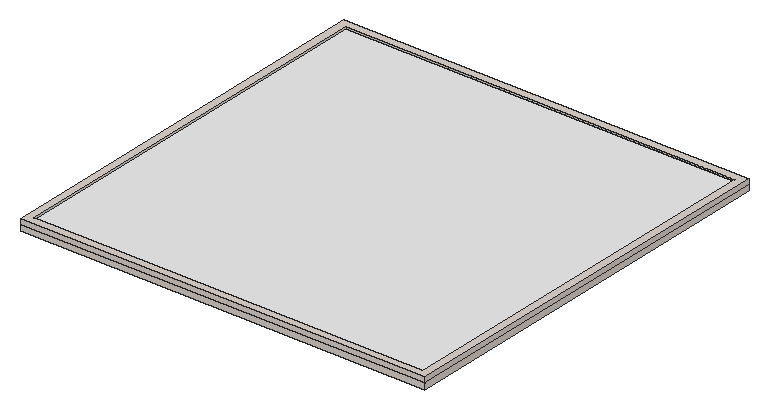
Revit family "SKY LED FLAT PANEL", category Lighting Fixtures, host Face, Revit 2020 (continued)
Types (13): name | Wattage | WATTS | built-in parameter 1150134 | Replaces/Equiv.(MH) | Photometric Web File | Order number | built-in parameter 1150142 | Model | built-in parameter 1150105 | Lumens | built-in parameter 1150107 | built-in parameter 1150106 | Fixture Width | Fixture Length | Default Elevation | Apparent Load
        1.69     1.76     1.84     1.91     1.99     2.07     2.14     2.22     2.30     \r\n 2.39     2.46     2.54     2.62     2.70     2.77     2.84     2.91     2.98     3.06     \r\n 3.13     3.21     3.27     3.35     3.42     3.49     3.56     3.63     3.69     3.76     \r\n 3.82     3.89     3.95     4.01     4.08     4.14     4.19     4.24     4.29     4.33     \r\n 4.37     4.41     4.45     4.49     4.55     4.60     4.67     4.73     4.77     4.81     \r\n 4.86     4.90     4.94     4.99     5.04     5.08     5.13     5.18     5.22     5.27     \r\n 5.31     5.36     5.41     5.45     5.51     5.56     5.62     5.68     5.74     5.79     \r\n 5.85     5.90     5.96     6.01     6.06     6.12     6.17     6.22     6.26     6.30     \r\n 5.97     \r\n1298.22  1299.45  1300.45  1300.82  1300.77  1300.34  1299.16  1297.75  1295.79  1293.34  \r\n 1290.09  1286.65  1282.65  1277.85  1273.29  1267.53  1261.93  1255.31  1248.39  1241.00  \r\n 1233.28  1224.85  1216.15  1206.93  1197.03  1186.67  1176.03  1164.85  1153.32  1141.50  \r\n 1128.79  1116.18  1102.49  1089.07  1074.77  1060.36  1045.39  1030.59  1014.72  998.85   \r\n 982.74   965.58   949.07   931.09   913.75   895.73   877.34   858.69   839.62   820.73   \r\n 801.10   781.77   761.43   741.26   720.91   700.44   679.41   658.32   637.21   616.12   \r\n 594.45   572.86   550.64   529.26   506.96   485.12   462.92   440.97   419.22   396.92   \r\n 375.09   353.03   331.42   309.80   288.40   267.45   246.59   225.62   205.71   185.29   \r\n 165.96   147.00   128.04   109.81   91.78    75.03    58.10    42.75    27.87    14.17    \r\n 2.90     0.94     1.00     1.06     1.13     1.21     1.28     1.36     1.43     1.51     \r\n 1.58     1.66     1.74     1.82     1.90     1.98     2.06     2.14     2.23     2.31     \r\n 2.39     2.47     2.55     2.64     2.71     2.79     2.87     2.94     3.01     3.08     \r\n 3.15     3.23     3.30     3.37     3.44     3.51     3.58     3.65     3.72     3.78     \r\n 3.85     3.91     3.97     4.04     4.10     4.16     4.22     4.29     4.33     4.38     \r\n 4.42     4.45     4.49     4.54     4.59     4.65     4.73     4.80     4.85     4.89     \r\n 4.94     5.00     5.06     5.11     5.17     5.23     5.28     5.34     5.39     5.44     \r\n 5.49     5.55     5.61     5.67     5.73     5.80     5.86     5.92     5.99     6.06     \r\n 6.12     6.19     6.25     6.32     6.38     6.43     6.47     6.51     6.53     6.54     \r\n 5.97     \r\n1298.22  1299.28  1300.07  1299.75  1299.46  1298.57  1297.17  1295.45  1293.09  1290.36  \r\n 1286.86  1283.10  1278.76  1273.92  1268.80  1262.88  1256.54  1249.96  1242.86  1235.19  \r\n 1226.64  1218.48  1209.09  1199.69  1189.43  1179.26  1168.20  1156.88  1145.24  1133.15  \r\n 1120.44  1107.32  1094.13  1079.97  1065.82  1051.19  1036.16  1020.94  1005.13  989.13   \r\n 972.52   955.76   938.90   921.62   903.45   885.58   867.11   848.55   829.51   810.38   \r\n 790.73   771.39   751.22   730.96   710.42   689.84   668.96   647.71   626.68   605.23   \r\n 583.62   562.04   540.44   518.41   496.85   474.58   453.04   430.56   409.03   386.81   \r\n 365.14   343.27   322.22   300.69   279.42   258.67   237.40   217.53   197.11   177.51   \r\n 158.13   139.45   120.78   102.67   85.40    68.35    51.97    35.98    21.56    7.88     \r\n 0.83     0.81     0.87     0.94     1.01     1.08     1.15     1.23     1.29     1.37     \r\n 1.45     1.53     1.60     1.69     1.77     1.85     1.93     2.01     2.09     2.17     \r\n 2.25     2.32     2.40     2.48     2.55     2.63     2.70     2.78     2.84     2.91     \r\n 2.99     3.06     3.13     3.21     3.28     3.35     3.43     3.50     3.57     3.64     \r\n 3.72     3.78     3.85     3.92     4.00     4.06     4.13     4.20     4.27     4.33     \r\n 4.38     4.43     4.49     4.54     4.60     4.66     4.73     4.79     4.85     4.92     \r\n 4.98     5.05     5.12     5.19     5.25     5.33     5.40     5.47     5.54     5.62     \r\n 5.70     5.77     5.84     5.91     5.98     6.05     6.12     6.19     6.25     6.32     \r\n 6.39     6.44     6.49     6.54     6.58     6.59     6.61     6.63     6.64     6.65     \r\n 5.97     \r\n1298.22  1299.55  1300.37  1300.48  1299.90  1299.18  1297.87  1296.23  1293.86  1291.23  \r\n 1288.00  1284.41  1279.95  1275.46  1270.08  1264.64  1258.43  1251.70  1244.57  1237.20  \r\n 1229.22  1220.56  1211.44  1202.37  1192.58  1182.33  1171.34  1160.14  1148.34  1136.20  \r\n 1124.07  1110.84  1097.93  1083.93  1069.73  1054.83  1040.29  1024.82  1009.21  993.04   \r\n 976.44   960.13   943.18   925.83   907.64   889.70   871.39   852.97   833.21   813.95   \r\n 795.00   775.26   754.87   734.68   714.03   693.61   672.51   651.26   629.97   608.24   \r\n 587.03   564.78   543.07   520.67   498.90   476.71   454.60   432.21   410.23   388.31   \r\n 366.03   344.48   322.34   301.06   279.31   258.32   237.14   216.88   196.34   176.48   \r\n 156.61   137.68   118.85   101.05   83.13    66.66    50.19    34.32    20.02    6.51     \r\n 0.89     0.86     0.90     0.97     1.03     1.10     1.16     1.24     1.31     1.39     \r\n 1.47     1.54     1.62     1.71     1.78     1.87     1.95     2.02     2.10     2.18     \r\n 2.26     2.34     2.42     2.49     2.57     2.64     2.71     2.78     2.85     2.92     \r\n 3.00     3.08     3.15     3.22     3.30     3.37     3.44     3.51     3.58     3.66     \r\n 3.73     3.80     3.87     3.94     4.01     4.09     4.15     4.23     4.29     4.34     \r\n 4.39     4.44     4.50     4.54     4.58     4.63     4.67     4.73     4.79     4.84     \r\n 4.89     4.95     5.00     5.06     5.12     5.18     5.25     5.31     5.38     5.44     \r\n 5.51     5.58     5.65     5.71     5.77     5.84     5.90     5.97     6.04     6.10     \r\n 6.17     6.23     6.29     6.34     6.40     6.45     6.49     6.54     6.57     6.60     \r\n 5.97     \r\n1298.22  1299.74  1300.62  1300.92  1300.67  1299.97  1299.06  1297.38  1295.35  1293.13  \r\n 1290.02  1286.82  1282.82  1278.33  1273.33  1268.10  1262.32  1255.94  1249.35  1242.16  \r\n 1234.53  1226.26  1217.64  1208.62  1199.03  1189.36  1178.54  1167.82  1156.58  1144.94  \r\n 1132.73  1119.80  1107.14  1093.41  1079.73  1064.95  1050.44  1035.11  1019.72  1003.97  \r\n 987.61   970.92   953.67   936.52   918.18   900.60   881.93   863.11   844.02   824.56   \r\n 804.91   785.15   764.76   744.20   723.37   702.56   681.17   659.66   638.17   616.54   \r\n 594.43   572.62   550.61   527.84   505.96   483.22   461.16   438.36   416.62   393.60   \r\n 371.73   349.33   327.44   305.52   284.08   262.76   241.21   220.83   199.93   179.95   \r\n 160.12   140.94   121.76   103.40   85.81    68.62    52.23    36.04    21.88    8.31     \r\n 0.96     0.90     0.93     0.97     1.04     1.10     1.17     1.24     1.31     1.38     \r\n 1.46     1.54     1.61     1.69     1.77     1.85     1.93     2.01     2.09     2.16     \r\n 2.24     2.31     2.39     2.47     2.54     2.61     2.69     2.76     2.82     2.90     \r\n 2.98     3.05     3.13     3.20     3.28     3.34     3.42     3.49     3.56     3.63     \r\n 3.70     3.77     3.84     3.92     3.99     4.06     4.13     4.19     4.24     4.29     \r\n 4.35     4.39     4.45     4.49     4.54     4.59     4.64     4.68     4.73     4.79     \r\n 4.83     4.89     4.94     4.99     5.04     5.10     5.15     5.20     5.26     5.31     \r\n 5.38     5.44     5.50     5.56     5.62     5.68     5.74     5.80     5.86     5.92     \r\n 5.98     6.04     6.09     6.14     6.19     6.23     6.28     6.32     6.37     6.41     \r\n 5.97     \r\n1298.22  1299.74  1300.67  1301.08  1300.97  1300.28  1299.29  1297.86  1295.93  1293.66  \r\n 1290.97  1287.66  1283.72  1279.37  1274.54  1269.53  1263.67  1257.77  1251.18  1244.35  \r\n 1236.63  1228.64  1220.13  1211.46  1202.11  1192.52  1181.81  1171.37  1160.22  1148.15  \r\n 1136.10  1123.31  1110.48  1096.86  1082.80  1068.05  1053.40  1038.18  1022.55  1006.09  \r\n 989.39   972.65   955.37   937.61   918.91   900.62   881.77   863.05   843.00   823.34   \r\n 803.95   783.65   762.91   742.16   721.03   700.18   678.92   656.95   635.63   613.47   \r\n 591.72   569.42   547.17   524.47   502.51   479.99   457.61   434.79   412.61   390.34   \r\n 367.63   345.86   323.67   302.12   280.05   258.93   237.61   217.08   196.44   176.37   \r\n 156.34   137.21   118.12   100.14   82.27    65.98    49.70    34.14    20.07    7.02     \r\n 0.99     0.93     0.94     0.99     1.05     1.12     1.19     1.26     1.33     1.40     \r\n 1.48     1.55     1.63     1.71     1.79     1.86     1.94     2.02     2.09     2.17     \r\n 2.24     2.32     2.39     2.46     2.53     2.60     2.67     2.75     2.82     2.90     \r\n 2.97     3.04     3.11     3.19     3.26     3.33     3.39     3.47     3.54     3.61     \r\n 3.68     3.75     3.82     3.89     3.96     4.01     4.07     4.12     4.17     4.22     \r\n 4.28     4.33     4.38     4.43     4.48     4.53     4.58     4.63     4.67     4.72     \r\n 4.77     4.82     4.88     4.93     4.98     5.03     5.09     5.14     5.19     5.24     \r\n 5.30     5.36     5.41     5.48     5.53     5.59     5.65     5.70     5.76     5.81     \r\n 5.87     5.91     5.96     6.00     6.04     6.08     6.12     6.16     6.19     6.23     \r\n 5.97     \r\n1298.22  1299.85  1300.68  1301.26  1301.10  1300.69  1299.92  1298.43  1296.91  1294.72  \r\n 1292.20  1288.87  1285.59  1281.43  1276.90  1271.93  1266.59  1260.97  1254.44  1247.95  \r\n 1240.48  1232.92  1224.52  1215.77  1206.52  1196.72  1186.18  1175.38  1163.93  1151.95  \r\n 1139.52  1126.54  1113.22  1099.31  1084.95  1069.93  1054.87  1039.03  1023.00  1006.46  \r\n 989.74   972.18   954.78   936.84   918.03   899.79   880.75   861.62   841.82   822.02   \r\n 802.06   781.97   761.37   740.48   719.55   698.54   677.10   655.25   633.75   611.69   \r\n 589.78   567.78   545.86   523.38   501.34   478.64   456.81   433.79   412.01   389.23   \r\n 367.45   345.10   323.60   301.70   280.04   259.14   237.63   217.38   196.65   176.80   \r\n 157.28   137.77   119.19   100.78   83.30    66.44    50.60    35.15    21.12    8.66     \r\n 1.06     0.92     0.93     0.99     1.04     1.11     1.18     1.26     1.33     1.40     \r\n 1.48     1.55     1.63     1.71     1.79     1.87     1.94     2.02     2.09     2.17     \r\n 2.24     2.31     2.39     2.46     2.53     2.60     2.68     2.75     2.82     2.90     \r\n 2.97     3.04     3.11     3.18     3.25     3.32     3.38     3.45     3.52     3.59     \r\n 3.65     3.71     3.77     3.82     3.87     3.92     3.97     4.03     4.08     4.13     \r\n 4.18     4.23     4.29     4.34     4.38     4.43     4.48     4.54     4.58     4.63     \r\n 4.68     4.73     4.78     4.83     4.88     4.93     4.98     5.03     5.08     5.14     \r\n 5.19     5.24     5.29     5.34     5.40     5.45     5.50     5.55     5.61     5.66     \r\n 5.70     5.75     5.79     5.82     5.86     5.89     5.92     5.96     5.99     6.02     \r\n 5.97     \r\n1298.22  1299.30  1300.36  1300.67  1300.45  1299.79  1298.93  1298.05  1296.14  1294.25  \r\n 1291.39  1288.42  1284.88  1280.90  1276.34  1271.55  1265.94  1260.10  1253.97  1246.79  \r\n 1239.22  1231.33  1222.71  1213.35  1203.45  1193.12  1181.94  1170.42  1158.45  1145.44  \r\n 1132.53  1118.52  1104.88  1089.80  1075.04  1059.37  1043.80  1027.75  1011.51  994.47   \r\n 977.22   960.17   942.47   924.11   905.37   887.00   868.03   849.10   828.93   809.23   \r\n 789.98   769.70   749.20   728.62   707.52   686.77   665.77   644.17   623.09   601.12   \r\n 579.93   557.79   536.10   513.75   492.00   469.92   447.80   425.42   403.51   381.72   \r\n 359.55   337.92   316.28   294.86   273.33   252.55   231.55   211.52   191.19   171.56   \r\n 151.84   133.12   114.49   96.84    78.99    63.19    47.40    32.65    18.88    7.27     \r\n 1.02     0.93     0.95     1.00     1.07     1.14     1.21     1.29     1.36     1.43     \r\n 1.51     1.59     1.67     1.74     1.82     1.90     1.97     2.05     2.12     2.20     \r\n 2.28     2.35     2.43     2.51     2.58     2.66     2.73     2.80     2.88     2.95     \r\n 3.02     3.09     3.16     3.23     3.29     3.36     3.41     3.47     3.52     3.57     \r\n 3.62     3.68     3.72     3.78     3.82     3.87     3.92     3.96     4.01     4.05     \r\n 4.09     4.13     4.18     4.23     4.28     4.33     4.38     4.43     4.49     4.54     \r\n 4.59     4.65     4.70     4.76     4.81     4.87     4.92     4.98     5.03     5.09     \r\n 5.15     5.21     5.26     5.32     5.37     5.42     5.47     5.52     5.57     5.61     \r\n 5.65     5.69     5.73     5.76     5.80     5.82     5.85     5.87     5.89     5.91     \r\n 5.97     \r\n1298.22  1299.31  1300.23  1300.36  1300.33  1299.69  1299.06  1297.61  1295.60  1293.44  \r\n 1290.87  1287.65  1284.20  1280.11  1275.36  1270.18  1264.60  1258.06  1251.10  1243.83  \r\n 1235.63  1227.01  1217.77  1208.00  1197.28  1186.34  1174.65  1162.59  1150.13  1136.88  \r\n 1123.75  1109.44  1095.47  1080.62  1065.44  1049.93  1034.21  1018.25  1001.71  984.90   \r\n 967.86   950.46   933.05   915.17   896.83   878.47   859.48   840.54   821.38   801.96   \r\n 782.09   762.72   742.08   722.21   701.38   680.93   659.90   638.82   617.85   596.53   \r\n 575.00   553.48   532.18   510.04   488.49   466.80   445.24   422.89   401.49   379.36   \r\n 357.96   336.25   314.96   293.70   272.85   252.05   231.26   211.41   191.23   171.92   \r\n 152.85   133.78   115.63   97.61    80.68    63.99    48.34    33.55    19.94    8.31     \r\n 1.13     0.93     0.95     1.00     1.07     1.15     1.22     1.30     1.37     1.45     \r\n 1.53     1.60     1.68     1.76     1.84     1.92     2.00     2.07     2.15     2.23     \r\n 2.31     2.38     2.47     2.54     2.62     2.69     2.77     2.85     2.92     2.99     \r\n 3.06     3.12     3.18     3.25     3.30     3.36     3.41     3.46     3.51     3.56     \r\n 3.61     3.66     3.70     3.75     3.79     3.83     3.88     3.92     3.97     4.01     \r\n 4.06     4.11     4.17     4.22     4.27     4.32     4.38     4.43     4.49     4.55     \r\n 4.59     4.66     4.72     4.77     4.83     4.89     4.94     5.00     5.06     5.12     \r\n 5.17     5.23     5.28     5.34     5.39     5.44     5.49     5.54     5.59     5.63     \r\n 5.67     5.71     5.74     5.77     5.80     5.82     5.84     5.86     5.88     5.90     \r\n 5.97     \r\n1298.22  1299.39  1299.89  1300.05  1299.66  1299.02  1297.89  1296.26  1294.23  1291.35  \r\n 1288.52  1284.93  1280.69  1276.05  1270.68  1265.16  1258.80  1251.78  1243.94  1235.76  \r\n 1226.74  1217.15  1207.06  1196.83  1185.66  1174.19  1162.03  1149.71  1136.54  1123.22  \r\n 1109.47  1095.36  1080.97  1066.50  1051.43  1035.70  1020.11  1004.00  987.83   970.74   \r\n 953.73   936.79   919.33   901.50   883.07   865.17   846.49   828.04   808.28   789.22   \r\n 770.03   750.47   730.52   710.31   690.15   669.77   649.56   628.47   607.71   586.51   \r\n 565.82   544.33   523.02   501.40   480.24   458.80   437.15   415.39   394.08   372.74   \r\n 351.14   330.09   308.68   288.02   266.84   246.56   226.09   206.52   186.65   167.51   \r\n 148.22   129.95   111.87   94.59    77.39    61.87    46.34    31.61    18.05    6.99     \r\n 1.00     0.91     0.96     1.02     1.10     1.17     1.24     1.32     1.40     1.48     \r\n 1.56     1.64     1.72     1.80     1.89     1.97     2.05     2.13     2.21     2.29     \r\n 2.38     2.45     2.53     2.61     2.68     2.76     2.83     2.89     2.96     3.03     \r\n 3.10     3.16     3.22     3.28     3.33     3.39     3.45     3.50     3.55     3.60     \r\n 3.64     3.68     3.73     3.78     3.83     3.88     3.92     3.97     4.02     4.06     \r\n 4.12     4.17     4.22     4.28     4.32     4.38     4.43     4.48     4.54     4.60     \r\n 4.65     4.70     4.76     4.81     4.87     4.92     4.98     5.03     5.09     5.14     \r\n 5.20     5.25     5.31     5.36     5.41     5.46     5.51     5.56     5.60     5.65     \r\n 5.69     5.74     5.77     5.80     5.83     5.86     5.88     5.89     5.90     5.91     \r\n 5.97     \r\n1298.22  1298.90  1299.50  1299.34  1299.13  1298.08  1297.13  1295.30  1292.98  1290
